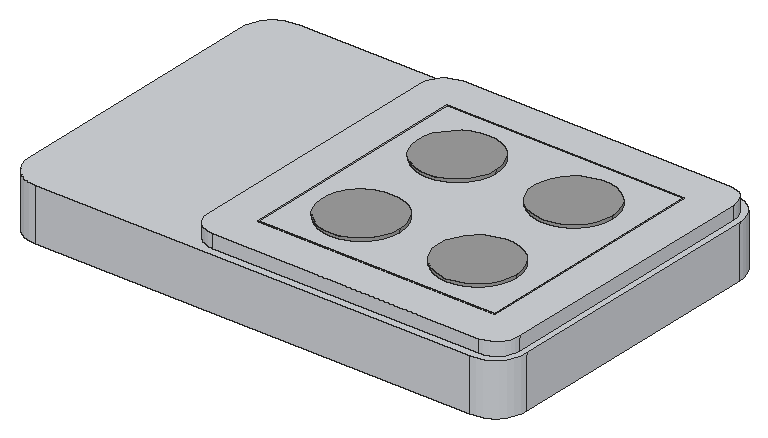
Revit family "Lighting-Industriale-GEWISS-SMART[4]HACCP_APPARECCHI-LED_1M", category Apparecchi per illuminazione, Revit 2019
Family settings
  Quota connettore circolare = Usa diametro
  Tipo di parte = Normale
  Numero OmniClass = 23.80.00.00
  Titolo OmniClass = Electric Power and Lighting
  Basato su piano di lavoro = Sì
  Sempre verticale = No
  Taglio con vuoti quando caricato = No
  Sorgente d'illuminazione = No
  Condiviso = No
  Punto di calcolo locali = No
Parameters (values of type "GWS4120HQ857 - SMART4LB 1M ST.AL.ON/OFF HACCP ELL.57K")
  Voltaggio = 230 V
  Viti esterne = "Acciaio inox"
  Vetro acceso = Lampada accesa
  Versione file RFA = "20.11"
  Vano di alimentazione = "Integrato"
  URL = "https://www.gewiss.com/it/it"
  Tolleranza cromatica = "SDCM = 3"
  Tipologia sorgente luminosa = "LED - Non sostituibile"
  Tipo di installazione e montaggio = "Plafone - Parete - Sospensione"
  Tipo di apparecchio = "Riflettore industriale a LED&nbsp;"
  Tensione di alimentazione = "220 - 240 V"
  Temperatura di stoccaggio = "-40 +70 °C"
  Temperatura di esercizio = "-30 +50 °C"
  Temperatura di colore = "5700K"
  Superficie massima esposta al vento : = "0,097 m²"
  Spostamento_Y_etichetta [instance] = 0 mm
  Spostamento_Y_effettivo_etichetta [instance] = 1500 mm - Spostamento_Y_etichetta  # 1500 mm
  Spostamento_X_etichetta [instance] = 0 mm
  Spostamento_X_effettivo_etichetta [instance] = 1500 mm - Spostamento_X_etichetta  # 1500 mm
  SostituibilitÃ  piastra di cablaggio = "Non sostituibile"
  SostituibilitÃ  gruppo ottico = "Non sostituibile"
  Sistema di controllo : = "ON / OFF"
  Sistema di controllo = "ON / OFF"
  Schermo = "PMMA"
  Scheda Tecnica = "https://www.gewiss.com/it/it/search?q=GWS4120HQ857"
  SEO = "Low Bay"
  Resistenza al filo incandescente = "650 °C"
  Resistenza agli urti = "IK07"
  Produttore = "GEWISS S.p.A."
  Potenza di sistema = "64W"
  Peso (kg): = "3,5"
  Ottica = "Ellittica"
  Offset etichetta W [instance] = 120 mm
  Norma di riferimento = "EN 60598-1 ; EN 60598-2-1 ; EN 60598-2-24"
  Modello = "GWS4120HQ857"
  Materiali = "-"
  Lumen output (lm) = "8200"
  Lampada = "LED"
  Installazione e manutenzione = "-"
  Informazioni generali = "-"
  Indice di resa cromatica = "CRI-80"
  Inclinazione = "Con accessorio staffa"
  Immagine tipo = GWL1071.jpg
  IPEA = "-"
  IFC.TypeObject = ""
  IFC.ExportType = ""
  IFC.ExportAs = ""
  IDT = "8fe07a2459ab4c5aa29e4443c45cb0ac"
  IDF = "8eeb0e33-44c6-4274-8acf-17d7325ad5e5"
  Guarnizioni = "tipo siliconico antinvecchiamento "
  Gruppo ottico = "Riflettore in PC metallizzato e lenti in PMMA"
  Grado di protezione = "IP65"
  Garanzia = "5 anni"
  Gancio di chiusura = "-"
  Frequenza nominale (Hz) = "50/60 Hz"
  Fissaggio = "-"
  Finitura colore = "Grigio RAL 7035"
  Etichetta wattaggio [instance] = yes
  Default Elevation = 1219.2 mm
  Trasformatore = none
  Spessore plafoniera = 40 mm  # constant formula
  Proiettsmart [instance] = yes
  Raggio led = 30 mm  # constant formula
  Plafoniera = none
  Efficienza luminosa (lm/W) = "128"
  Durata di vita = "L90B10 (Tq+25°C) = 70.000 h - L90B10 (Tq+50°C) = 35.000 h"
  Dispositivo di protezione = "DM 6 kV / CM 10 kV"
  Descrizione = "SMART[4]LB 1M ST.AL.ON/OFF HACCP ELL.57K"
  Creato da GEWISS S.p.A. = ""
  Corpo = "PA6 “Halogen Free” caricato fibra vetro"
  Controllo abbagliamento e luminanza = "-"
  Contesto = "Illuminazione di logistiche e locali produttivi industriali di tipo alimentari"
  Commenti sul wattaggio = "50W"
  Colore = "Grigio RAL 7035"
  Codice digitale univoco (Datamatrix) = "Datamatrix"
  Codice Electrocod = "2444"
  Classificazione: = "-"
  Classificazione = Lighting
  Classe isolamento = "I"
  Classe fotobiologica = "RG0"
  Certificazioni e classificazioni = "-"
  Certificazione DIN 18032-3 = "-"
  Catalogo = "LIGHTING"
  Carico apparente = 50 VA
  Motore = none
  Lunghezza = 383 mm  # constant formula
  Larghezza = 253 mm  # constant formula
  Distanza tot_plafoniera = 74 mm  # constant formula
  Dettaglio bidimensionale attivo [instance] = not(Proiettsmart)  # no
  Caratteristiche ottiche e illuminotecniche = "-"
  Caratteristiche elettriche e gestione della luce = "-"
  Cablaggio = "Con connettore stagno Gw connect"
  COBie.Tagnumber = ""
  COBie.CreatedOn = ""
  COBie.CreatebBy = ""
  COBie.ComponentRegisterItemID = ""
  COBie.Component.TagNumber = ""
  COBie.Component.Space = ""
  COBie.Component.SerialNumber = ""
  COBie.Component.InstallationDate = ""
  COBie.Component.Description = ""
  COBie.Component.BarCode = ""
  Applicazione = "Interno"
  Apparecchio a ridotta temperatura superficiale = "Si"
  Alimentatore = "Incluso"
Types (12, lengths in mm): name | Temperatura di colore | Scheda Tecnica | SEO | Ottica | Modello | Lumen output (lm) | IDT | Gruppo ottico | Efficienza luminosa (lm/W) | Descrizione | Controllo abbagliamento e luminanza | Contesto
  GWS4120HA840 - SMART4LB 1M ST.AL.ON/OFF HACCP ARR.40K | "4000K" | "https://www.gewiss.com/it/it/search?q=GWS4120HA840" | "" | "Array" | "GWS4120HA840" | "9200" | "64779c1a353844fa85b21fcfd2d3ad69" | "Riflettore in PC metallizzato" | "144" | "SMART[4]LB 1M ST.AL.ON/OFF HACCP ARR.40K" | "-" | "Illuminazione di logistiche e locali produttivi industriali"
  GWS4120HA857 - SMART4LB 1M ST.AL.ON/OFF HACCP ARR.57K | "5700K" | "https://www.gewiss.com/it/it/search?q=GWS4120HA857" | "" | "Array" | "GWS4120HA857" | "9200" | "d2e9b46c7df5434c9dcbc8e9d3e292f7" | "Riflettore in PC metallizzato" | "144" | "SMART[4]LB 1M ST.AL.ON/OFF HACCP ARR.57K" | "-" | "Illuminazione di logistiche e locali produttivi industriali di tipo alimentari"
  GWS4120HC840 - SMART4LB 1M ST.AL.ON/OFF HACCP ASI.40K | "4000K" | "https://www.gewiss.com/it/it/search?q=GWS4120HC840" | "Low Bay" | "Asimmetrica" | "GWS4120HC840" | "8200" | "cc3803c253e94be79c33c41beae386f9" | "Riflettore in PC metallizzato e lenti in PMMA" | "128" | "SMART[4]LB 1M ST.AL.ON/OFF HACCP ASI.40K" | "-" | "Illuminazione di logistiche e locali produttivi industriali di tipo alimentari"
  GWS4120HC857 - SMART4LB 1M ST.AL.ON/OFF HACCP ASI.57K | "5700K" | "https://www.gewiss.com/it/it/search?q=GWS4120HC857" | "Low Bay" | "Asimmetrica" | "GWS4120HC857" | "8200" | "51095ef6f3c245ecbce13db46b082a12" | "Riflettore in PC metallizzato e lenti in PMMA" | "128" | "SMART[4]LB 1M ST.AL.ON/OFF HACCP ASI.57K" | "-" | "Illuminazione di logistiche e locali produttivi industriali di tipo alimentari"
  GWS4120HF840 - SMART4LB 1M ST.AL.ON/OFF HACCP 30° 40K | "4000K" | "https://www.gewiss.com/it/it/search?q=GWS4120HF840" | "" | "30°" | "GWS4120HF840" | "9000" | "7448575afc6e413d8b3729eab335b15d" | "Riflettore in PC metallizzato e lenti in PMMA" | "141" | "SMART[4]LB 1M ST.AL.ON/OFF HACCP 30° 40K" | "UGR - 22" | "Illuminazione di logistiche e locali produttivi industriali di tipo alimentari"
  GWS4120HF857 - SMART4LB 1M ST.AL.ON/OFF HACCP 30° 57K | "5700K" | "https://www.gewiss.com/it/it/search?q=GWS4120HF857" | "" | "30°" | "GWS4120HF857" | "9000" | "b40cf41466b7435fa95f6d480f5897f1" | "Riflettore in PC metallizzato e lenti in PMMA" | "141" | "SMART[4]LB 1M ST.AL.ON/OFF HACCP 30° 57K" | "UGR - 22" | "Illuminazione di logistiche e locali produttivi industriali di tipo alimentari"
  GWS4120HH840 - SMART4LB 1M ST.AL.ON/OFF HACCP 60° 40K | "4000K" | "https://www.gewiss.com/it/it/search?q=GWS4120HH840" | "" | "60°" | "GWS4120HH840" | "9200" | "d113adf619a946149ce800923951d6e5" | "Riflettore in PC metallizzato e lenti in PMMA" | "144" | "SMART[4]LB 1M ST.AL.ON/OFF HACCP 60° 40K" | "UGR - 25" | "Illuminazione di logistiche e locali produttivi industriali di tipo alimentari"
  GWS4120HH857 - SMART4LB 1M ST.AL.ON/OFF HACCP 60° 57K | "5700K" | "https://www.gewiss.com/it/it/search?q=GWS4120HH857" | "" | "60°" | "GWS4120HH857" | "9200" | "529d36e3122c4a2bafa9e49a5362ab10" | "Riflettore in PC metallizzato e lenti in PMMA" | "144" | "SMART[4]LB 1M ST.AL.ON/OFF HACCP 60° 57K" | "UGR - 25" | "Illuminazione di logistiche e locali produttivi industriali di tipo alimentari"
  GWS4120HP840 - SMART4LB 1M ST.AL.ON/OFF HACCP 90° 40K | "4000K" | "https://www.gewiss.com/it/it/search?q=GWS4120HP840" | "" | "90°" | "GWS4120HP840" | "9200" | "3b5550c560804356a5ccbaa816da70c1" | "Riflettore in PC metallizzato e lenti in PMMA" | "144" | "SMART[4]LB 1M ST.AL.ON/OFF HACCP 90° 40K" | "UGR - 25" | "Illuminazione di logistiche e locali produttivi industriali di tipo alimentari"
  GWS4120HP857 - SMART4LB 1M ST.AL.ON/OFF HACCP 90° 57K | "5700K" | "https://www.gewiss.com/it/it/search?q=GWS4120HP857" | "" | "90°" | "GWS4120HP857" | "9200" | "f04bef9c87ae445cabaf5588a78d1b02" | "Riflettore in PC metallizzato e lenti in PMMA" | "144" | "SMART[4]LB 1M ST.AL.ON/OFF HACCP 90° 57K" | "UGR - 25" | "Illuminazione di logistiche e locali produttivi industriali di tipo alimentari"
  GWS4120HQ840 - SMART4LB 1M ST.AL.ON/OFF HACCP ELL.40K | "4000K" | "https://www.gewiss.com/it/it/search?q=GWS4120HQ840" | "Low Bay" | "Ellittica" | "GWS4120HQ840" | "8200" | "364ccec2db3b4a31bb7c3fb52bb25248" | "Riflettore in PC metallizzato e lenti in PMMA" | "128" | "SMART[4]LB 1M ST.AL.ON/OFF HACCP ELL.40K" | "-" | "Illuminazione di logistiche e locali produttivi industriali di tipo alimentari"
  GWS4120HQ857 - SMART4LB 1M ST.AL.ON/OFF HACCP ELL.57K | "5700K" | "https://www.gewiss.com/it/it/search?q=GWS4120HQ857" | "Low Bay" | "Ellittica" | "GWS4120HQ857" | "8200" | "8fe07a2459ab4c5aa29e4443c45cb0ac" | "Riflettore in PC metallizzato e lenti in PMMA" | "128" | "SMART[4]LB 1M ST.AL.ON/OFF HACCP ELL.57K" | "-" | "Illuminazione di logistiche e locali produttivi industriali di tipo alimentari"
Reference planes
  plane 1 "Centro (Fronte/Retro)": y = 0
  plane 2: z = 0
  plane 3 "Centro (Sinistra/Destra)": x = 0
  plane 4: x = -191.5
  plane 5: y = 126.5
  plane 6: x = 191.5
  plane 7: y = -126.5
  plane 8: z = -74
  plane 9: x = -175.5
  plane 10: y = -110.5
  plane 11: y = 110.5
  plane 12: x = -60.5
  plane 13: y = 121.5
  plane 14: x = 186.5
  plane 15: y = -120
  plane 16: z = 74
  plane 17: z = 84
  plane 18: z = 86
  plane 19: x = -1500
  plane 20: y = -1500
  plane 21: x = 0
  plane 22: y = 0
Dimensions and locks
  equal spacing: plane 5, plane 1 "Centro (Fronte/Retro)", plane 7
  equal spacing: plane 4, plane 3 "Centro (Sinistra/Destra)", plane 6
  "Lunghezza": plane 4 to plane 6
  "Larghezza": plane 5 to plane 7
  locked: plane 14 to plane 6 at 5
  locked: plane 5 to plane 13 at 5
  nested 3 to plane 8 = 133.058 mm
  locked: plane 4 to plane 9 at 16
  "Offset etichetta W": plane 1 "Centro (Fronte/Retro)" to plane 15
  "Distanza tot_plafoniera": plane 16 to level
  locked: plane 18 to plane 17 at 2
  plane 19 to plane 3 "Centro (Sinistra/Destra)" = 1500 mm
  plane 1 "Centro (Fronte/Retro)" to plane 20 = 1500 mm
  "Spostamento_Y_effettivo_etichetta": plane 22 to plane 20
  "Spostamento_X_effettivo_etichetta": plane 19 to plane 21
  aligned and locked: level to plane 2
  aligned and locked: plane 4 to nested 1
  aligned and locked: plane 6 to nested 1
  aligned and locked: plane 5 to nested 1
  aligned and locked: plane 7 to nested 1
  aligned and locked: plane 14 to nested 2
  aligned and locked: plane 1 "Centro (Fronte/Retro)" to nested 10
  aligned and locked: nested 3 to plane 2
  aligned and locked: plane 16 to nested 1
  aligned and locked: plane 1 "Centro (Fronte/Retro)" to nested 8
  aligned and locked: plane 1 "Centro (Fronte/Retro)" to nested 1
  aligned and locked: plane 1 "Centro (Fronte/Retro)" to nested 2
  aligned and locked: nested 2 to plane 16
  aligned and locked: nested 4 to plane 18
  aligned and locked: plane 18 to nested 6
  aligned and locked: nested 7 to plane 18
  aligned and locked: plane 18 to nested 5
  aligned and locked: nested 9 to plane 22
  aligned and locked: plane 21 to nested 9
Nested families
  nested 1: "Struttura_SMART[4] LB - 2+2 L" at (0, 0, 74), type "SMART Lab (4) 4L"
  nested 2: "mascherina_SMART (4)" at (66.5, 0, 84), type "Maschera_smart (4) 4L", detail levels medium+fine
  nested 3: "Staffa SMART LAB 4" at (65, -20, 59.058) x (0, 1, 0) z (0, 0, -1), type "Staffa SMART LAB 4", detail levels medium+fine
  nested 4: "Gewis - Led" at (20.25, 44.75, 86), type "Gewis - Led", detail levels fine
  nested 5: "Gewis - Led" at (109.75, 44.75, 86) x (-1, 0, 0) z (0, 0, 1), type "Gewis - Led", detail levels fine
  nested 6: "Gewis - Led" at (20.25, -47.75, 86), type "Gewis - Led", detail levels fine
  nested 7: "Gewis - Led" at (109.75, -47.75, 86) x (-1, 0, 0) z (0, 0, 1), type "Gewis - Led", detail levels fine
  nested 8: "Rappr_bidimensionale_SMART[4] LB 4L" at (40, 0, 0), visible <- "Dettaglio bidimensionale attivo", type "SMART[4] LB 4L_bidimensionalerfa"
  nested 9: "ETICHETTA LIGHT" at (0, 0, 0), visible <- "Etichetta wattaggio", type "ETICHETTA LIGHT"
  nested 10: "PROIETTSMART " at (-32.162, 0, 0), visible <- "Proiettsmart", type "PROIETTSMART "
Connectors
  electrical at (0.009, -0.098, 34), driven by "Classificazione", driven by "Carico apparente"
    settings: on nested 1, index 1, voltage 230 V, apparent load 0 VA, apparent load phase1 50 VA, apparent load phase2 0 VA, apparent load phase3 0 VA, power factor 1, load classification "Lighting", number of poles 2, system type 31, power factor state 1, is connector primary yes, connector utility no, sub classification motor no, connector description ""
Definition of nested family "Struttura_SMART[4] LB - 2+2 L"
  Parameters (values of type "SMART Lab (4) 4L")
    Struttura plafoniera = none
    Spessore_plafoniera = 40 mm
    Lunghezza = 383 mm
    Larghezza = 253 mm
  Reference planes
    plane 1 "Asse sorgente illuminazione (F/B)": y = 0
    plane 2: z = 0
    plane 3 "Asse sorgente illuminazione (L/R)": x = 0
    plane 4 "Prospetto sorgente di illuminazione": z = -40
    plane 5 "SX": x = -191.5
    plane 6 "DX": x = 191.5
    plane 7 "DIETRO": y = 126.5
    plane 8 "AVANTI": y = -126.5
    plane 9: x = -51.5
    plane 10: x = 180.5
    plane 11: y = -115.5
    plane 12: y = 115.5
    plane 13: x = -180.5
    plane 14: x = 51.5
  Forms (mm)
    Extrusion 1, solid, material <- "Struttura plafoniera"
      sketch origin (0, 0, 0) x (1, 0, 0) y (0, 1, 0)
        loop
          line (191.5, -102.095) -> (191.5, 102.09)
          arc (191.5, 102.09) -> (184.35, 119.35) -> (167.09, 126.5) r 24.41
          line (167.09, 126.5) -> (-167.009, 126.5)
          arc (-167.009, 126.5) -> (-184.554, 119.1) -> (-191.5, 101.371) r 24.499
          line (-191.5, 101.371) -> (-191.5, -102.092)
          arc (-191.5, -102.092) -> (-184.351, -119.351) -> (-167.092, -126.5) r 24.408
          line (-167.092, -126.5) -> (167.117, -126.5)
          arc (167.117, -126.5) -> (184.334, -119.368) -> (191.465, -102.152) r 24.348
      from -40 to 0
  Dimensions and locks
    equal spacing: plane 5 "SX", plane 3 "Asse sorgente illuminazione (L/R)", plane 6 "DX"
    equal spacing: plane 7 "DIETRO", plane 1 "Asse sorgente illuminazione (F/B)", plane 8 "AVANTI"
    "Lunghezza": plane 5 "SX" to plane 6 "DX"
    "Larghezza": plane 7 "DIETRO" to plane 8 "AVANTI"
    locked: plane 7 "DIETRO" to plane 12 at 11
    locked: plane 11 to plane 8 "AVANTI" at 11
    locked: plane 10 to plane 6 "DX" at 11
    locked: plane 9 to plane 10 at 232
    plane 13 to plane 14 = 232 mm
    locked: plane 5 "SX" to plane 13 at 11
    "Spessore_plafoniera": plane 2 to plane 4 "Prospetto sorgente di illuminazione"
    aligned and locked: level to plane 2
    aligned and locked: Extrusion 1 to plane 5 "SX"
    aligned and locked: Extrusion 1 to plane 8 "AVANTI"  (x2)
    aligned and locked: plane 7 "DIETRO" to Extrusion 1
    aligned and locked: plane 6 "DX" to Extrusion 1
    aligned and locked: plane 4 "Prospetto sorgente di illuminazione" to Extrusion 1
    aligned and locked: plane 2 to Extrusion 1
  Automatic sketch dimensions
    Extrusion 1 sketch curve to plane 5 "SX" = 0 mm
    Extrusion 1 sketch curve to plane 8 "AVANTI" = 0 mm
    Extrusion 1 sketch curve to plane 7 "DIETRO" = 0 mm
    Extrusion 1 sketch curve to plane 6 "DX" = 0 mm
    plane 13 to Extrusion 1 sketch curve = 13.408 mm
    plane 13 to Extrusion 1 sketch curve = 13.491 mm
    Extrusion 1 sketch curve to plane 10 = 13.41 mm
    Extrusion 1 sketch curve to plane 10 = 13.383 mm
    plane 11 to Extrusion 1 sketch curve = 13.348 mm
    Extrusion 1 sketch curve to plane 12 = 14.129 mm
    Extrusion 1 sketch curve to Extrusion 1 sketch curve = 0.056 mm
Definition of nested family "mascherina_SMART (4)"
  Parameters (values of type "Maschera_smart (4) 4L")
    Spessore_mascherina = 10 mm
    Default Elevation = 1219.2 mm
    N.intarsi = (Lunghezza_mascherina - (Bordo * 2)) / 15 mm  # 12
    N._intarsi verticale = (Larghezza_mascherina - (Bordo * 2)) / 17 mm  # 11
    Mascherina = none
    Lunghezza_mascherina = 240 mm
    Larghezza_mascherina = 240 mm
    Distanza_intarsi v. = 41 mm  # constant formula
    Distanza_intarsi = 37 mm  # constant formula
    Bordo = 29 mm
  Reference planes
    plane 1 "Centro (Fronte/Retro)": y = 0
    plane 2: z = 0
    plane 3 "Centro (Sinistra/Destra)": x = 0
    plane 4: x = -120
    plane 5 "Dietro": y = 120
    plane 6: x = 120
    plane 7: y = -120
    plane 8: x = -91
    plane 9: y = -91
    plane 10: x = 91
    plane 11: y = 91
    plane 12: x = -83
    plane 13: y = 94.742
    plane 14: y = -95
    plane 15: z = -10
    plane 16: x = -95
    plane 17: y = 79
    plane 18: y = -79
    plane 19: x = 95
    plane 20: z = -4.799
  Forms (mm)
    Extrusion 1, solid, material <- "Mascherina"
      sketch origin (0, 0, 0) x (1, 0, 0) y (0, 1, 0)
        loop
          arc (-102.5, 120) -> (-114.874, 114.874) -> (-120, 102.5) r 17.5
          line (-120, 102.5) -> (-120, -102.5)
          arc (-120, -102.5) -> (-114.874, -114.874) -> (-102.5, -120) r 17.5
          line (-102.5, -120) -> (102.5, -120)
          arc (102.5, -120) -> (114.874, -114.874) -> (120, -102.5) r 17.5
          line (120, -102.5) -> (120, 102.5)
          arc (120, 102.5) -> (114.874, 114.874) -> (102.5, 120) r 17.5
          line (102.5, 120) -> (-102.5, 120)
        loop
          line (-91, 91) -> (-91, -91) -> (91, -91) -> (91, 91) -> (-91, 91)
      from -10 to 0
    Extrusion 2, solid, material <- "Mascherina"
      sketch origin (0, 0, 0) x (1, 0, 0) y (0, 1, 0)
        loop
          line (-91, 91) -> (-91, -91) -> (91, -91) -> (91, 91) -> (-91, 91)
      from -4.799 to 0
  Dimensions and locks
    equal spacing: plane 4, plane 3 "Centro (Sinistra/Destra)", plane 6
    "Lunghezza_mascherina": plane 4 to plane 6
    equal spacing: plane 5 "Dietro", plane 1 "Centro (Fronte/Retro)", plane 7
    "Larghezza_mascherina": plane 5 "Dietro" to plane 7
    "Bordo": plane 4 to plane 8
    "Bordo": plane 9 to plane 7
    "Bordo": plane 5 "Dietro" to plane 11
    "Bordo": plane 10 to plane 6
    "Distanza_intarsi": plane 4 to plane 12
    locked: plane 13 to plane 11 at 3.742
    "Spessore_mascherina": plane 2 to plane 15
    "Distanza_intarsi v.": plane 5 "Dietro" to plane 17
    "Distanza_intarsi v.": plane 18 to plane 7
    locked: plane 9 to plane 14 at 4
    locked: plane 16 to plane 8 at 4
    locked: plane 10 to plane 19 at 4
    locked: plane 2 to plane 20 at 4.799
    radius of Extrusion 1 sketch curve = 17.5 mm  (x4)
    aligned and locked: level to plane 2
    aligned and locked: plane 4 to Extrusion 1 sketch curve
    aligned and locked: plane 6 to Extrusion 1 sketch curve
    aligned and locked: Extrusion 1 sketch curve to plane 5 "Dietro"
    aligned and locked: Extrusion 1 sketch curve to plane 7
    aligned and locked: Extrusion 1 sketch curve to plane 11
    aligned and locked: plane 8 to Extrusion 1 sketch curve
    aligned and locked: plane 9 to Extrusion 1 sketch curve
    aligned and locked: Extrusion 1 sketch curve to plane 10
    aligned and locked: plane 2 to Extrusion 1
    aligned and locked: Extrusion 1 to plane 15
    aligned and locked: Extrusion 2 sketch curve to plane 10
    aligned and locked: plane 9 to Extrusion 2 sketch curve
    aligned and locked: plane 8 to Extrusion 2 sketch curve
    aligned and locked: Extrusion 2 sketch curve to plane 11
    aligned and locked: plane 2 to Extrusion 2
    aligned and locked: Extrusion 2 to plane 20
Definition of nested family "Staffa SMART LAB 4"
  Parameters (values of type "Staffa SMART LAB 4")
    Staffa = none
    Default Elevation = 1219.2 mm
  Reference planes
    plane 1 "Centro (Fronte/Retro)": y = 0
    plane 2: z = 0
    plane 3 "Centro (Sinistra/Destra)": x = 0
    plane 4: y = 25
    plane 5: y = -25
    plane 6: x = -480
    plane 7: x = 480
    plane 8: z = 340
  Forms (mm)
    Extrusion 1, solid, material <- "Staffa"
      sketch origin (-19.427, 0, 0) x (1, 0, 0) y (0, 0, 1)
        loop
          line (-52.112, 0) -> (-51.312, 0) -> (-51.312, 5.038) -> (-51.312, 7.679) -> (-48.064, 11.553) -> (-48.309, 20.832)
          arc (-48.309, 20.832) -> (-48.108, 21.384) -> (-47.585, 21.651) r 0.801
          line (-47.585, 21.651) -> (-46.541, 21.744)
          arc (-46.541, 21.744) -> (-45.388, 22.346) -> (-44.998, 23.587) r 1.701
          line (-44.998, 23.587) -> (-45.225, 26.168) -> (-47.881, 28.39) -> (-47.881, 32.971) -> (-23.475, 58.058) -> (62.329, 58.058) -> (86.735, 32.971) -> (86.735, 28.39) -> (84.08, 26.168) -> (83.852, 23.587)
          arc (83.852, 23.587) -> (84.243, 22.346) -> (85.396, 21.744) r 1.701
          line (85.396, 21.744) -> (86.439, 21.651)
          arc (86.439, 21.651) -> (86.963, 21.384) -> (87.163, 20.832) r 0.801
          line (87.163, 20.832) -> (86.919, 11.553) -> (90.167, 7.679) -> (90.167, 5.038) -> (90.167, 0) -> (90.967, 0) -> (90.967, 5.038) -> (90.967, 7.979) -> (87.921, 11.618) -> (88.163, 20.806)
          arc (88.163, 20.806) -> (87.71, 22.048) -> (86.531, 22.647) r 1.801
          line (86.531, 22.647) -> (85.484, 22.74)
          arc (85.484, 22.74) -> (85.009, 22.988) -> (84.849, 23.499) r 0.701
          line (84.849, 23.499) -> (85.039, 25.667) -> (87.735, 27.923) -> (87.735, 32.876) -> (86.947, 34.187) -> (62.751, 59.058) -> (-23.897, 59.058) -> (-48.093, 34.187) -> (-48.881, 32.876) -> (-48.881, 27.923) -> (-46.185, 25.667) -> (-45.994, 23.499)
          arc (-45.994, 23.499) -> (-46.155, 22.988) -> (-46.63, 22.74) r 0.701
          line (-46.63, 22.74) -> (-47.676, 22.647)
          arc (-47.676, 22.647) -> (-48.856, 22.048) -> (-49.308, 20.806) r 1.801
          line (-49.308, 20.806) -> (-49.066, 11.618) -> (-52.112, 7.979) -> (-52.112, 5.038) -> (-52.112, 0)
      from -25 to 25
  Dimensions and locks
    equal spacing: plane 6, plane 3 "Centro (Sinistra/Destra)", plane 7
    equal spacing: plane 4, plane 1 "Centro (Fronte/Retro)", plane 5
    plane 4 to plane 5 = 50 mm
    plane 6 to plane 7 = 960 mm
    aligned and locked: level to plane 2
    aligned and locked: plane 4 to Extrusion 1
    aligned and locked: Extrusion 1 to plane 5
  Automatic sketch dimensions
    Extrusion 1 sketch curve to Extrusion 1 sketch curve = 0 mm  (x10)
    Extrusion 1 sketch curve to level = 0 mm  (x2)
    level to Extrusion 1 sketch curve = 5.038 mm
    Extrusion 1 sketch curve to plane 3 "Centro (Sinistra/Destra)" = 71.54 mm
    Extrusion 1 sketch curve to Extrusion 1 sketch curve = 0.8 mm  (x2)
    level to Extrusion 1 sketch curve = 20.806 mm  (x2)
    Extrusion 1 sketch curve to Extrusion 1 sketch curve = 2.804 mm
    level to Extrusion 1 sketch curve = 11.618 mm  (x2)
    Extrusion 1 sketch curve to Extrusion 1 sketch curve = 2.246 mm  (x2)
    Extrusion 1 sketch curve to Extrusion 1 sketch curve = 0.428 mm
    level to Extrusion 1 sketch curve = 20.832 mm  (x2)
    Extrusion 1 sketch curve to Extrusion 1 sketch curve = 1 mm  (x4)
    Extrusion 1 sketch curve to Extrusion 1 sketch curve = 0.788 mm
    level to Extrusion 1 sketch curve = 11.553 mm  (x2)
    Extrusion 1 sketch curve to Extrusion 1 sketch curve = 1.002 mm  (x2)
    level to Extrusion 1 sketch curve = 22.647 mm  (x2)
    Extrusion 1 sketch curve to Extrusion 1 sketch curve = 0.632 mm
    level to Extrusion 1 sketch curve = 21.651 mm  (x2)
    Extrusion 1 sketch curve to Extrusion 1 sketch curve = 0.092 mm  (x2)
    Extrusion 1 sketch curve to Extrusion 1 sketch curve = 0.984 mm
    level to Extrusion 1 sketch curve = 22.74 mm  (x2)
    Extrusion 1 sketch curve to Extrusion 1 sketch curve = 0.062 mm
    level to Extrusion 1 sketch curve = 21.744 mm  (x2)
    Extrusion 1 sketch curve to Extrusion 1 sketch curve = 0.088 mm
    Extrusion 1 sketch curve to Extrusion 1 sketch curve = 0.507 mm
    level to Extrusion 1 sketch curve = 23.499 mm  (x2)
    Extrusion 1 sketch curve to Extrusion 1 sketch curve = 0.698 mm  (x2)
    Extrusion 1 sketch curve to Extrusion 1 sketch curve = 0.96 mm  (x2)
    level to Extrusion 1 sketch curve = 23.587 mm  (x2)
    Extrusion 1 sketch curve to plane 3 "Centro (Sinistra/Destra)" = 43.324 mm
    Extrusion 1 sketch curve to Extrusion 1 sketch curve = 0.422 mm  (x2)
    plane 3 "Centro (Sinistra/Destra)" to Extrusion 1 sketch curve = 42.902 mm
    Extrusion 1 sketch curve to Extrusion 1 sketch curve = 21.523 mm
    level to Extrusion 1 sketch curve = 26.168 mm
    Extrusion 1 sketch curve to Extrusion 1 sketch curve = 0.227 mm
    Extrusion 1 sketch curve to Extrusion 1 sketch curve = 0.996 mm
    level to Extrusion 1 sketch curve = 25.667 mm
    Extrusion 1 sketch curve to Extrusion 1 sketch curve = 0.548 mm
    Extrusion 1 sketch curve to Extrusion 1 sketch curve = 0.966 mm
    Extrusion 1 sketch curve to Extrusion 1 sketch curve = 0.077 mm
    level to Extrusion 1 sketch curve = 28.39 mm
    Extrusion 1 sketch curve to Extrusion 1 sketch curve = 1.696 mm
    Extrusion 1 sketch curve to Extrusion 1 sketch curve = 0.557 mm
    level to Extrusion 1 sketch curve = 34.187 mm
    Extrusion 1 sketch curve to Extrusion 1 sketch curve = 0.212 mm
    Extrusion 1 sketch curve to Extrusion 1 sketch curve = 0.801 mm
    level to Extrusion 1 sketch curve = 7.679 mm
    Extrusion 1 sketch curve to Extrusion 1 sketch curve = 2.641 mm  (x2)
    Extrusion 1 sketch curve to Extrusion 1 sketch curve = 0.3 mm  (x2)
    Extrusion 1 sketch curve to Extrusion 1 sketch curve = 2.168 mm
    Extrusion 1 sketch curve to Extrusion 1 sketch curve = 0.501 mm
    Extrusion 1 sketch curve to Extrusion 1 sketch curve = 0.467 mm  (x2)
    Extrusion 1 sketch curve to Extrusion 1 sketch curve = 2.256 mm
    Extrusion 1 sketch curve to Extrusion 1 sketch curve = 4.486 mm
    Extrusion 1 sketch curve to Extrusion 1 sketch curve = 1.311 mm
    Extrusion 1 sketch curve to Extrusion 1 sketch curve = 0.095 mm  (x2)
    Extrusion 1 sketch curve to Extrusion 1 sketch curve = 1.216 mm
    Extrusion 1 sketch curve to Extrusion 1 sketch curve = 23.87 mm
Definition of nested family "Gewis - Led"
  Parameters (values of type "Gewis - Led")
    Vetro = none
    Raggio led = 30 mm
    Default Elevation = 1219.2 mm
    Estensione vetro = 3 mm
  Reference planes
    plane 1 "Centro (Fronte/Retro)": y = 0
    plane 2: z = 0
    plane 3 "Centro (Sinistra/Destra)": x = 0
  Forms (mm)
    Extrusion 1, solid, material <- "Vetro"
      sketch origin (0, 0, 0) x (1, 0, 0) y (0, 1, 0)
        loop
          circle (0, 0) r 30
      from -3 to 0
  Dimensions and locks
    "Estensione vetro": level to Extrusion 1
    "Raggio led": radius of Extrusion 1 sketch curve
    aligned and locked: level to plane 2
    aligned and locked: level to Extrusion 1
  Automatic sketch dimensions
    plane 1 "Centro (Fronte/Retro)" to Extrusion 1 sketch curve = 0 mm
    Extrusion 1 sketch curve to plane 3 "Centro (Sinistra/Destra)" = 0 mm
Definition of nested family "Rappr_bidimensionale_SMART[4] LB 4L"
  Reference planes
    plane 1 "Centro (Fronte/Retro)": y = 0
    plane 2: z = 0
    plane 3 "Centro (Sinistra/Destra)": x = 0
  Lines and regions (mm)
    model lines, in view "Livello rif."
      curve 1: circle (-20.568, 47.057, 0) r 28.619 normal (0, 0, 1)
      curve 2: circle (73.432, -46.943, 0) r 28.619 normal (0, 0, 1)
      curve 3: circle (-20.568, -46.943, 0) r 28.619 normal (0, 0, 1)
      curve 4: circle (73.432, 47.057, 0) r 28.619 normal (0, 0, 1)
      curve 5: arc (-93.068, -104.009, 0) -> (-88.529, -114.969, 0) -> (-77.568, -119.509, 0) r 15.5
      curve 6: arc (145.932, 103.991, 0) -> (141.392, 114.952, 0) -> (130.432, 119.491, 0) r 15.5
      curve 7: arc (-77.568, 119.491, 0) -> (-88.529, 114.952, 0) -> (-93.068, 103.991, 0) r 15.5
      curve 8: arc (130.432, -119.509, 0) -> (141.392, -114.969, 0) -> (145.932, -104.009, 0) r 15.5
      curve 9: arc (152.721, 103.991, 0) -> (146.196, 119.749, 0) -> (130.441, 126.281, 0) r 22.29
      curve 10: arc (130.443, -126.298, 0) -> (146.197, -119.766, 0) -> (152.721, -104.009, 0) r 22.29
      curve 11: arc (-230.358, -108, 0) -> (-225, -120.942, 0) -> (-212.058, -126.298, 0) r 18.29
      curve 12: arc (-212.077, 126.281, 0) -> (-225.001, 120.924, 0) -> (-230.358, 108, 0) r 18.29
      curve 13: line (-66.068, -92.509, 0) -> (-66.068, 92.491, 0)
      curve 14: line (-66.068, 92.491, 0) -> (118.932, 92.491, 0)
      curve 15: line (118.932, 92.491, 0) -> (118.932, -92.509, 0)
      curve 16: line (118.932, -92.509, 0) -> (-66.068, -92.509, 0)
      curve 17: line (-77.568, -119.509, 0) -> (130.432, -119.509, 0)
      curve 18: line (-77.568, 119.491, 0) -> (130.432, 119.491, 0)
      curve 19: line (-93.068, 103.991, 0) -> (-93.068, -104.009, 0)
      curve 20: line (145.932, 103.991, 0) -> (145.932, -104.009, 0)
      curve 21: line (-212.077, 126.281, 0) -> (130.441, 126.281, 0)
      curve 22: line (152.721, 103.991, 0) -> (152.721, -104.009, 0)
      curve 23: line (130.443, -126.298, 0) -> (-212.058, -126.298, 0)
      curve 24: line (-230.358, -108, 0) -> (-230.358, 108, 0)
Definition of nested family "ETICHETTA LIGHT"
  Parameters (values of type "ETICHETTA LIGHT")
    COMMENTI = "53W"
  Reference planes
    plane 1: y = 0
    plane 2: x = 0
  Text (mm)
    label "COMMENTI" at (-0.057, 0.105, 0), shows "COMMENTI"
Definition of nested family "PROIETTSMART "
  Reference planes
    plane 1 "Centro (Fronte/Retro)": y = 0
    plane 2: z = 0
    plane 3 "Centro (Sinistra/Destra)": x = 0
  Lines and regions (mm)
    model lines, in view "Livello rif."
      curve 1: line (120.593, -21.515, 0) -> (77.393, -0.008, 0)
      curve 2: line (77.393, -0.008, 0) -> (120.593, 21.758, 0)
      curve 3: line (120.593, 21.758, 0) -> (120.593, -21.515, 0)
      curve 4: line (77.393, 21.629, 0) -> (77.393, -21.645, 0)
      curve 5: line (77.393, -0.008, 0) -> (52.133, -0.008, 0)
      curve 6: line (120.593, 0.122, 0) -> (139.246, 0.122, 0)
      curve 7: line (162.162, 66.747, 0) -> (162.162, -66.747, 0)
      curve 8: line (162.162, -66.747, 0) -> (-97.838, -66.747, 0)
      curve 9: line (-97.838, -66.747, 0) -> (-97.838, 66.747, 0)
      curve 10: line (-97.838, 66.747, 0) -> (162.162, 66.747, 0)
      curve 11: line (45.772, 49.667, 0) -> (145.121, 49.667, 0)
      curve 12: line (145.121, 49.667, 0) -> (145.121, -49.683, 0)
      curve 13: line (145.121, -49.683, 0) -> (45.772, -49.683, 0)
      curve 14: line (45.772, -49.683, 0) -> (45.772, 49.667, 0)
